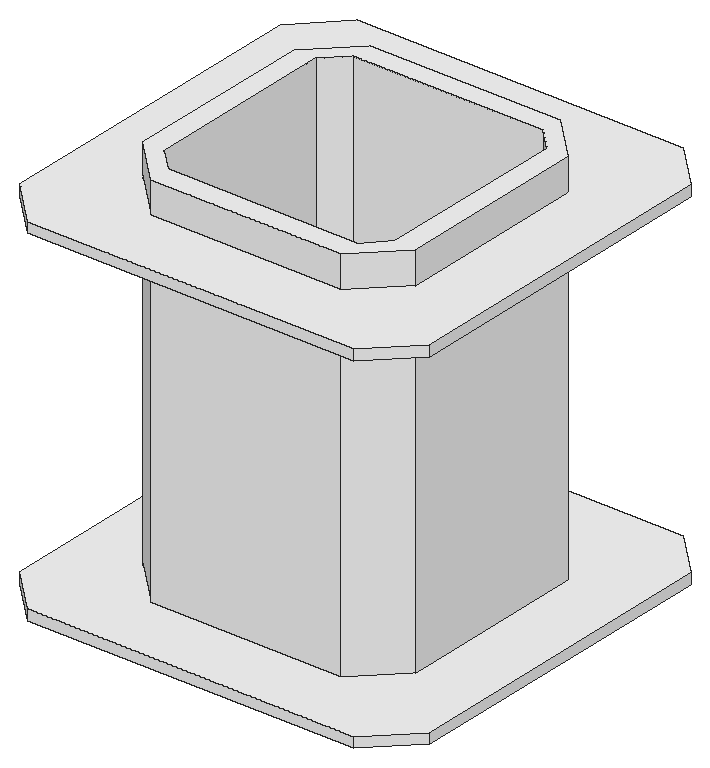
Revit family "Acoustical-EZPath-STI-EZ_Path_Series_33_Smoke_and_Acoustical_for_Ceilings", category Generic Models, host Ceiling, Revit 2026
Family settings
  Host = Ceiling
  Can host rebar = No
  Round Connector Dimension = Use Diameter
  Part Type = Normal
  Always vertical = Yes
  Cut with Voids When Loaded = No
  Maintain Annotation Orientation = No
  Shared = No
  Room Calculation Point = No
Parameters
  URL = "https://www.stifirestop.com/"
  Safety Data Sheet = "https://files.stifirestop.com/5.%20Safety%20Data%20Sheet/1.%20English/SDS_EZ-Path%20Smoke%20&%20Acoustical%20Ceiling%20Pathway%20(Non-Rated).pdf"
  Region = "North America"
  Product Page = "https://www.stifirestop.com/products/nez-ceiling/"
  Product Data Sheet = "http://files.systems.stifirestop.com/4.%20Product%20Data%20Sheets/1.%20English/PDS_EZ-Path%20Smoke%20&%20Acoustical%20Ceiling%20Pathway%20(Non-Rated).pdf"
  No. of Devices = 1
  Model No. (Complete Kit) = "NEZ33CK2"
  Model = "EZ-Path Series 33 Smoke & Acoustical Device"
  Manufacturer Phone No. = "800.992.1180"
  Manufacturer Address = "210 Evans Way, Somerville, NJ 08876"
  Manufacturer = "Specified Technologies, Inc"
  Installation Instructions = "http://files.systems.stifirestop.com/8.%20Install%20Sheets/1.%20EZ-Path/ZIS1238_EZ-Path%20Smoke%20and%20Acoustical%20Ceiling%20Kit.pdf"
  EZ-Path Face Plate Corner = 0' - 0 1/2"
  EZ-Path Face Plate = 0' - 4 7/8"
  EZ-Path Body = Acoustic-STI-EZPath-EZPath_Smoke_and_Acoustic_Device
  Description = "EZ-Path Smoke & Acousitical Device Ceiling Kit"
  Default Elevation = 0' - 0"
  Contact Technical Service = "TechServ@stifirestop.com"
  Assembly Code = "C3030210"
Reference planes (in)
  plane 1 "Center (Front/Back)": y = 0
  plane 2 "Ceiling": z = 96
  plane 3 "Center (Left/Right)": x = 0
  plane 4: x = 2.4375
  plane 5: x = -2.4375
  plane 6: y = 2.4375
  plane 7: y = -2.4375
  plane 8: y = 1.9375
  plane 9: y = -1.9375
  plane 10: x = -1.9375
  plane 11: x = 1.9375
  plane 12: x = -1.625
  plane 13: x = 1.625
  plane 14: y = 1.625
  plane 15: y = -1.625
  plane 16: y = 1.125
  plane 17: y = -1.125
  plane 18: x = -1.125
  plane 19: x = 1.125
  plane 20: y = 1.375
  plane 21: y = -1.375
  plane 22: x = -1.375
  plane 23: x = 1.375
  plane 24: z = 95.875
  plane 25: z = 95.5
  plane 26: z = 100
  plane 27: z = 100.125
  plane 28: z = 100.5
Forms (in)
  Extrusion 1, solid, material "Acoustic-STI-EZPath-EZPath_Smoke_and_Acoustic_Device" <- "EZ-Path Body", detail levels fine
    sketch origin (0, 0, 96) x (1, 0, 0) y (0, 1, 0)
      loop
        line (-2.4375, 1.9375) -> (-2.4375, -1.9375) -> (-1.9375, -2.4375) -> (1.9375, -2.4375) -> (2.4375, -1.9375) -> (2.4375, 1.9375) -> (1.9375, 2.4375) -> (-1.9375, 2.4375) -> (-2.4375, 1.9375)
    from 4 to 4.125
  Extrusion 2, solid, material "Acoustic-STI-EZPath-EZPath_Smoke_and_Acoustic_Device" <- "EZ-Path Body", detail levels fine
    sketch origin (0, 0, 96) x (1, 0, 0) y (0, 1, 0)
      loop
        line (-2.4375, 1.9375) -> (-2.4375, -1.9375) -> (-1.9375, -2.4375) -> (1.9375, -2.4375) -> (2.4375, -1.9375) -> (2.4375, 1.9375) -> (1.9375, 2.4375) -> (-1.9375, 2.4375) -> (-2.4375, 1.9375)
    from -0.125 to 0
  Extrusion 3, void
    sketch origin (0, 0, 96) x (1, 0, 0) y (0, 1, 0)
      loop
        line (-1.625, 1.125) -> (-1.625, -1.125) -> (-1.125, -1.625) -> (1.125, -1.625) -> (1.625, -1.125) -> (1.625, 1.125) -> (1.125, 1.625) -> (-1.125, 1.625) -> (-1.625, 1.125)
    from -0.125 to 4.125
  Extrusion 4, solid, material "Acoustic-STI-EZPath-EZPath_Smoke_and_Acoustic_Device" <- "EZ-Path Body", detail levels fine
    sketch origin (0, 0, 96) x (1, 0, 0) y (0, 1, 0)
      loop
        line (-1.625, 1.125) -> (-1.625, -1.125) -> (-1.125, -1.625) -> (1.125, -1.625) -> (1.625, -1.125) -> (1.625, 1.125) -> (1.125, 1.625) -> (-1.125, 1.625) -> (-1.625, 1.125)
    from -0.5 to 4.5
  Extrusion 5, void
    sketch origin (0, 0, 96) x (1, 0, 0) y (0, 1, 0)
      loop
        line (-1.375, 1.125) -> (-1.375, -1.125) -> (-1.125, -1.375) -> (1.125, -1.375) -> (1.375, -1.125) -> (1.375, 1.125) -> (1.125, 1.375) -> (-1.125, 1.375) -> (-1.375, 1.125)
    from -0.5 to 4.5
Cuts and joins
  Extrusion 3 cuts Extrusion 2
  Extrusion 3 cuts Extrusion 1
  Extrusion 5 cuts Extrusion 4
Lines and regions (in)
  Opening 1
    outline origin (0, 0, 96) x (1, 0, 0) y (0, 1, 0)
      loop
        circle (0, 0) r 2
Dimensions and locks (in)
  equal spacing: host sketch curve, plane 3 "Center (Left/Right)", host sketch curve
  equal spacing: host sketch curve, plane 1 "Center (Front/Back)", host sketch curve
  host sketch curve to host sketch curve = 10' - 0"  (x2)
  equal spacing: plane 5, plane 3 "Center (Left/Right)", plane 4
  "EZ-Path Face Plate": plane 5 to plane 4
  equal spacing: plane 6, plane 1 "Center (Front/Back)", plane 7
  "EZ-Path Face Plate": plane 6 to plane 7
  "EZ-Path Face Plate Corner": plane 5 to plane 10
  "EZ-Path Face Plate Corner": plane 11 to plane 4
  "EZ-Path Face Plate Corner": plane 6 to plane 8
  "EZ-Path Face Plate Corner": plane 7 to plane 9
  equal spacing: plane 12, plane 3 "Center (Left/Right)", plane 13
  locked: plane 12 to plane 13 at 3.25
  equal spacing: plane 14, plane 1 "Center (Front/Back)", plane 15
  locked: plane 14 to plane 15 at 3.25
  "EZ-Path Face Plate Corner": plane 14 to plane 16
  "EZ-Path Face Plate Corner": plane 15 to plane 17
  "EZ-Path Face Plate Corner": plane 12 to plane 18
  "EZ-Path Face Plate Corner": plane 19 to plane 13
  locked: plane 12 to plane 22 at 0.25
  locked: plane 23 to plane 13 at 0.25
  locked: plane 14 to plane 20 at 0.25
  locked: plane 15 to plane 21 at 0.25
  locked: host ceiling to plane 24 at 0.125
  locked: plane 24 to plane 25 at 0.375
  locked: plane 26 to host ceiling at 4
  locked: plane 27 to plane 26 at 0.125
  locked: plane 28 to plane 27 at 0.375
  aligned and locked: plane 5 to Extrusion 1
  aligned and locked: plane 6 to Extrusion 1
  aligned and locked: plane 4 to Extrusion 1
  aligned and locked: plane 7 to Extrusion 1
  aligned and locked: Extrusion 1 to plane 26
  aligned and locked: Extrusion 1 to plane 27
  aligned and locked: plane 6 to Extrusion 2
  aligned and locked: plane 4 to Extrusion 2
  aligned and locked: plane 7 to Extrusion 2
  aligned and locked: plane 5 to Extrusion 2
  aligned and locked: Extrusion 2 to plane 24
  aligned and locked: plane 2 "Ceiling" to Extrusion 2
  aligned and locked: plane 14 to Extrusion 3
  aligned and locked: Extrusion 3 to plane 13
  aligned and locked: plane 15 to Extrusion 3
  aligned and locked: Extrusion 3 to plane 12
  aligned and locked: Extrusion 3 to plane 24
  aligned and locked: Extrusion 1 to Extrusion 3
  aligned and locked: plane 14 to Extrusion 4
  aligned and locked: Extrusion 4 to plane 13
  aligned and locked: plane 15 to Extrusion 4
  aligned and locked: Extrusion 4 to plane 12
  aligned and locked: Extrusion 4 to plane 25
  aligned and locked: plane 28 to Extrusion 4
  aligned and locked: plane 20 to Extrusion 5
  aligned and locked: Extrusion 5 to plane 23
  aligned and locked: plane 21 to Extrusion 5
  aligned and locked: Extrusion 5 to plane 22
  aligned and locked: plane 28 to Extrusion 5
  aligned and locked: Extrusion 5 to plane 25
Automatic sketch dimensions
  Extrusion 1 sketch curve to plane 5 = 0' - 0"
  Extrusion 1 sketch curve to plane 6 = 0' - 0"
  Extrusion 1 sketch curve to plane 10 = 0' - 0"  (x2)
  plane 7 to Extrusion 1 sketch curve = 0' - 0"
  Extrusion 1 sketch curve to plane 11 = 0' - 0"  (x2)
  Extrusion 1 sketch curve to plane 4 = 0' - 0"
  plane 9 to Extrusion 1 sketch curve = 0' - 0"  (x2)
  Extrusion 1 sketch curve to plane 8 = 0' - 0"  (x2)
  Extrusion 2 sketch curve to plane 5 = 0' - 0"
  Extrusion 2 sketch curve to plane 6 = 0' - 0"
  Extrusion 2 sketch curve to plane 10 = 0' - 0"  (x2)
  plane 7 to Extrusion 2 sketch curve = 0' - 0"
  Extrusion 2 sketch curve to plane 11 = 0' - 0"  (x2)
  Extrusion 2 sketch curve to plane 4 = 0' - 0"
  plane 9 to Extrusion 2 sketch curve = 0' - 0"  (x2)
  Extrusion 2 sketch curve to plane 8 = 0' - 0"  (x2)
  Extrusion 3 sketch curve to plane 12 = 0' - 0"
  Extrusion 3 sketch curve to plane 14 = 0' - 0"
  Extrusion 3 sketch curve to plane 18 = 0' - 0"  (x2)
  plane 15 to Extrusion 3 sketch curve = 0' - 0"
  Extrusion 3 sketch curve to plane 19 = 0' - 0"  (x2)
  Extrusion 3 sketch curve to plane 13 = 0' - 0"
  plane 17 to Extrusion 3 sketch curve = 0' - 0"  (x2)
  Extrusion 3 sketch curve to plane 16 = 0' - 0"  (x2)
  Extrusion 4 sketch curve to plane 12 = 0' - 0"
  Extrusion 4 sketch curve to plane 14 = 0' - 0"
  Extrusion 4 sketch curve to plane 18 = 0' - 0"  (x2)
  plane 15 to Extrusion 4 sketch curve = 0' - 0"
  Extrusion 4 sketch curve to plane 19 = 0' - 0"  (x2)
  Extrusion 4 sketch curve to plane 13 = 0' - 0"
  plane 17 to Extrusion 4 sketch curve = 0' - 0"  (x2)
  Extrusion 4 sketch curve to plane 16 = 0' - 0"  (x2)
  Extrusion 5 sketch curve to plane 16 = 0' - 0"  (x2)
  Extrusion 5 sketch curve to plane 22 = 0' - 0"
  plane 17 to Extrusion 5 sketch curve = 0' - 0"  (x2)
  Extrusion 5 sketch curve to plane 18 = 0' - 0"  (x2)
  Extrusion 5 sketch curve to plane 19 = 0' - 0"  (x2)
  Extrusion 5 sketch curve to plane 23 = 0' - 0"
  plane 21 to Extrusion 5 sketch curve = 0' - 0"
  Extrusion 5 sketch curve to plane 20 = 0' - 0"
  plane 1 "Center (Front/Back)" to Opening 1 sketch curve = 0' - 0"
  Opening 1 sketch curve to plane 3 "Center (Left/Right)" = 0' - 0"
  radius of Opening 1 sketch curve = 0' - 2"
